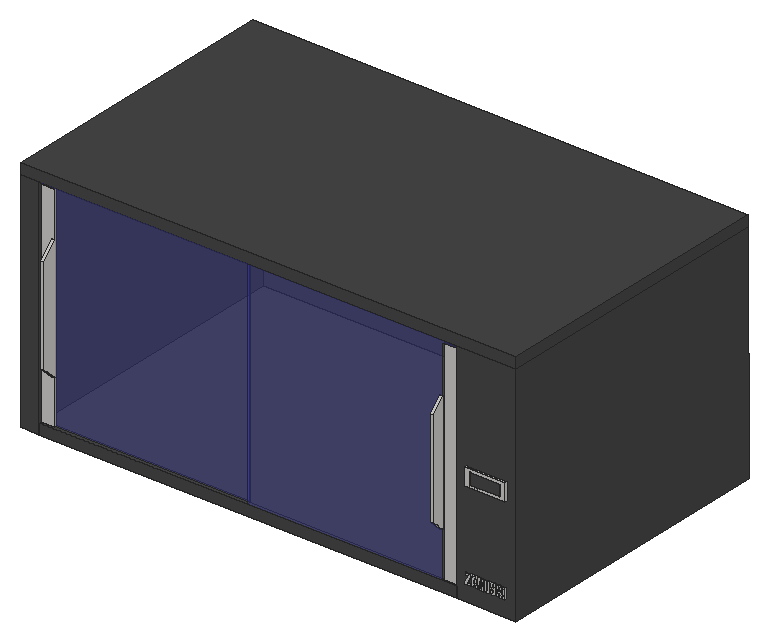
Revit family "QF_ZANUSSI_240040_ZSAFEBX", category Attrezzature speciali, Revit 2020
Family settings
  Quota connettore circolare = Usa diametro
  Tipo di parte = Normale
  Basato su piano di lavoro = No
  Sempre verticale = Sì
  Taglio con vuoti quando caricato = No
  Condiviso = No
  Punto di calcolo locali = No
Parameters (values of type "Standard")
  Weight = 36.00 kg
  Watts = 590 W
  Volts = 220 V
  URL Manufacturer = "http://www.zanussiprofessional.com"
  URL = "http://www.zanussiprofessional.com"
  Steam Supply Size = 0 mm
  Steam Supply Minimum Pressure = 0.0 Pa
  Steam Supply Maximum Pressure = 0.0 Pa
  Steam Consumption per Hour = 0
  Show Logo [instance] = yes
  Show Clearance [instance] = yes
  Refrigeration Suction Line Size = 0.0 mm
  Refrigeration Liquid Line Size = 0.0 mm
  Refrigerant Compressor Remote = yes
  Prospetto di default = 0.0 mm
  Produttore = "Zanussi"
  Phase = 1
  Modello = "ZSAFEBX"
  Length Actual = 920.0 mm  # constant formula
  Item Number = "240040"
  Hot Water Size = 0 mm
  Height Actual = 450.0 mm  # constant formula
  HP = "0.8 HP"
  Gas Size = 0 mm
  Gas KW = 0
  Gas Input Pressure = 0 W
  Direct Waste Size = 0 mm
  Descrizione = "SAFE FOOD HOLDING DISPLAY FOR FOOD PICK UP, TAKE AWAY AND DELIVERY"
  Depth Actual = 590.0 mm  # constant formula
  Cycle = 50 Hz
  Condensate Return Size = 0 mm
  Compressed Air Volume = 0.0 L/s
  Compressed Air Size = 0 mm
  Compressed Air Pressure = 0.0 Pa
  Cold Water Size = 0 mm
  Accessory = yes
Reference planes
  plane 1 "Center (Front/Back)": y = 0
  plane 2: z = 0
  plane 3 "Center (Left/Right)": x = 0
  plane 4 "LEFT": x = -460
  plane 5 "RIGHT": x = 460
  plane 6 "BACK": y = 270
  plane 7 "FRONT": y = -270
  plane 8 "Base": z = 11
  plane 9 "TOP": z = 451
  plane 10: x = -430
  plane 11: y = 250
  plane 12: y = -220
  plane 13: x = 360
Forms (mm)
  Extrusion 1, solid, material "QF_Finishes_Black"
    sketch origin (0, 0, 11) x (0, 1, 0) y (-1, 0, 0)
      loop
        line (270, 460) -> (-270, 460) -> (-270, 425) -> (250, 425) -> (250, -350) -> (-270, -350) -> (-270, -460) -> (270, -460) -> (270, 460)
    from 0 to 420
  Extrusion 2, solid, material "QF_Finishes_Black"
    sketch origin (0, 0, 451) x (0, 1, 0) y (-1, 0, 0)
      loop
        line (270, 460) -> (-270, 460) -> (-270, -460) -> (270, -460) -> (270, 460)
    from 0 to -20
  Extrusion 3, void
    sketch origin (0, -270, 0) x (-1, 0, 0) y (0, 0, 1)
      loop
        line (140.985, 386.837) -> (-115, 386.837) -> (-115, 166) -> (140.985, 166) -> (140.985, 386.837)
    from 520 to 540
  Extrusion 4, solid, material "QF_Finishes_Stainless Steel"
    sketch origin (460, 0, 0) x (0, 1, 0) y (0, 0, 1)
      loop
        line (250, 386.837) -> (250, 166) -> (320, 166) -> (320, 386.837) -> (250, 386.837)
    from -600.985 to -345
  Extrusion 5, solid, material "Glass"
    sketch origin (0, -270, 0) x (-1, 0, 0) y (0, 0, 1)
      loop
        line (425, 431) -> (37.5, 431) -> (37.5, 31) -> (400, 31) -> (400, 426) -> (425, 426) -> (425, 431)
    from 4 to 8
  Extrusion 6, solid, material "Glass"
    sketch origin (385, -270, 0) x (-1, 0, 0) y (0, 0, 1)
      loop
        line (422.5, 431) -> (35, 431) -> (35, 426) -> (60, 426) -> (60, 31) -> (422.5, 31) -> (422.5, 431)
    from 0 to 4
  Extrusion 7, solid, material "QF_Finishes_Stainless Steel"
    sketch origin (0, 0, 0) x (0, 1, 0) y (0, 0, 1)
      loop
        line (-266, 112) -> (-266, 342.426) -> (-291.213, 317.213) -> (-291.213, 137.213) -> (-266, 112)
    from -400 to -405
  Extrusion 8, solid, material "QF_Finishes_Stainless Steel"
    sketch origin (0, -270, 0) x (-1, 0, 0) y (0, 0, 1)
      loop
        line (-350, 426) -> (-350, 31) -> (-325, 31) -> (-325, 426) -> (-350, 426)
      loop
        line (400, 426) -> (400, 31) -> (425, 31) -> (425, 426) -> (400, 426)
    from 4 to 8
  Extrusion 9, solid, material "QF_Finishes_Black"
    sketch origin (0, 0, 451) x (0, 1, 0) y (-1, 0, 0)
      loop
        line (270, 425) -> (-270, 425) -> (-270, -350) -> (270, -350) -> (270, 425)
    from -420 to -440
  Extrusion 10, solid, material "QF_Finishes_Stainless Steel"
    sketch origin (0, 0, 0) x (0, 1, 0) y (0, 0, 1)
      loop
        line (-270, 116) -> (-270, 338.426) -> (-291.213, 317.213) -> (-291.213, 137.213) -> (-270, 116)
    from 325 to 320
  Extrusion 11, solid, material "QF_Finishes_Stainless Steel"
    sketch origin (2.404, 270, -133.023) x (1, 0, 0) y (0, 0, -1)
      loop
        line (407.596, -163.023) -> (407.596, -183.023) -> (427.596, -183.023) -> (427.596, -163.023) -> (407.596, -163.023)
    from 0 to 2
  Extrusion 12, solid, material "QF_Finishes_Stainless Steel"
    sketch origin (-85.721, 270, -84.273) x (1, 0, 0) y (0, 0, -1)
      loop
        line (407.596, -163.023) -> (407.596, -183.023) -> (427.596, -183.023) -> (427.596, -163.023) -> (407.596, -163.023)
    from 0 to 2
Cuts and joins
  Extrusion 3 cuts Extrusion 1
  joined: Extrusion 7, Extrusion 8, Extrusion 10
Dimensions and locks
  plane 4 "LEFT" to plane 5 "RIGHT" = 920.0 mm
  equal spacing: plane 4 "LEFT", plane 3 "Center (Left/Right)", plane 5 "RIGHT"
  equal spacing: plane 6 "BACK", plane 1 "Center (Front/Back)", plane 7 "FRONT"
  plane 6 "BACK" to plane 7 "FRONT" = 540.0 mm  (x2)
  plane 8 "Base" to level = 11.0 mm
  plane 9 "TOP" to level = 451.0 mm
  plane 9 "TOP" to cut or joined group of Extrusion 1, Extrusion 3 = 64.163 mm
  level to cut or joined group of Extrusion 1, Extrusion 3 = 166.0 mm
  plane 4 "LEFT" to plane 10 = 30.0 mm
  plane 13 to plane 5 "RIGHT" = 100.0 mm
  Extrusion 4 to Extrusion 2 = 590.0 mm
  aligned and locked: level to plane 2
Automatic sketch dimensions
  Extrusion 1 sketch curve to plane 4 "LEFT" = 0.0 mm
  Extrusion 1 sketch curve to plane 7 "FRONT" = 0.0 mm  (x2)
  Extrusion 1 sketch curve to plane 5 "RIGHT" = 0.0 mm
  Extrusion 1 sketch curve to plane 11 = 0.0 mm
  Extrusion 1 sketch curve to plane 6 "BACK" = 0.0 mm
  Extrusion 1 sketch curve to plane 13 = 10.0 mm
  plane 10 to Extrusion 1 sketch curve = 5.0 mm
  Extrusion 2 sketch curve to plane 4 "LEFT" = 0.0 mm
  Extrusion 2 sketch curve to plane 7 "FRONT" = 0.0 mm
  Extrusion 2 sketch curve to plane 6 "BACK" = 0.0 mm
  Extrusion 2 sketch curve to plane 5 "RIGHT" = 0.0 mm
  plane 3 "Center (Left/Right)" to Extrusion 3 sketch curve = 115.0 mm
  Extrusion 3 sketch curve to plane 3 "Center (Left/Right)" = 140.985 mm
  plane 8 "Base" to Extrusion 3 sketch curve = 155.0 mm
  Extrusion 3 sketch curve to plane 9 "TOP" = 64.163 mm
  Extrusion 4 sketch curve to plane 11 = 0.0 mm
  plane 6 "BACK" to Extrusion 4 sketch curve = 50.0 mm
  plane 8 "Base" to Extrusion 4 sketch curve = 155.0 mm
  Extrusion 4 sketch curve to plane 9 "TOP" = 64.163 mm
  Extrusion 5 sketch curve to plane 3 "Center (Left/Right)" = 37.5 mm
  plane 10 to Extrusion 5 sketch curve = 30.0 mm
  plane 10 to Extrusion 5 sketch curve = 5.0 mm
  plane 8 "Base" to Extrusion 5 sketch curve = 20.0 mm
  Extrusion 5 sketch curve to plane 9 "TOP" = 25.0 mm
  Extrusion 5 sketch curve to plane 9 "TOP" = 20.0 mm
  Extrusion 6 sketch curve to plane 13 = 10.0 mm
  Extrusion 6 sketch curve to plane 13 = 35.0 mm
  Extrusion 6 sketch curve to plane 3 "Center (Left/Right)" = 37.5 mm
  plane 8 "Base" to Extrusion 6 sketch curve = 20.0 mm
  Extrusion 6 sketch curve to plane 9 "TOP" = 25.0 mm
  Extrusion 6 sketch curve to Extrusion 6 sketch curve = 5.0 mm
  Extrusion 7 sketch curve to plane 7 "FRONT" = 21.213 mm
  plane 7 "FRONT" to Extrusion 7 sketch curve = 4.0 mm
  plane 8 "Base" to Extrusion 7 sketch curve = 101.0 mm
  Extrusion 7 sketch curve to Extrusion 7 sketch curve = 25.213 mm  (x2)
  Extrusion 7 sketch curve to plane 9 "TOP" = 133.787 mm
  Extrusion 8 sketch curve to plane 13 = 10.0 mm
  Extrusion 8 sketch curve to Extrusion 8 sketch curve = 25.0 mm
  plane 10 to Extrusion 8 sketch curve = 30.0 mm
  plane 10 to Extrusion 8 sketch curve = 5.0 mm
  plane 8 "Base" to Extrusion 8 sketch curve = 20.0 mm  (x2)
  Extrusion 8 sketch curve to plane 9 "TOP" = 25.0 mm  (x2)
  Extrusion 9 sketch curve to plane 7 "FRONT" = 0.0 mm
  Extrusion 9 sketch curve to plane 6 "BACK" = 0.0 mm
  Extrusion 9 sketch curve to plane 13 = 10.0 mm
  plane 10 to Extrusion 9 sketch curve = 5.0 mm
  Extrusion 10 sketch curve to plane 7 "FRONT" = 0.0 mm
  Extrusion 10 sketch curve to plane 7 "FRONT" = 21.213 mm
  plane 8 "Base" to Extrusion 10 sketch curve = 105.0 mm
  Extrusion 10 sketch curve to Extrusion 10 sketch curve = 21.213 mm  (x2)
  Extrusion 10 sketch curve to plane 9 "TOP" = 133.787 mm
  Extrusion 11 sketch curve to plane 5 "RIGHT" = 50.0 mm
  Extrusion 11 sketch curve to Extrusion 11 sketch curve = 20.0 mm
  plane 8 "Base" to Extrusion 11 sketch curve = 39.0 mm
  plane 8 "Base" to Extrusion 11 sketch curve = 19.0 mm
  Extrusion 12 sketch curve to plane 13 = 38.125 mm
  Extrusion 12 sketch curve to plane 13 = 18.125 mm
  plane 8 "Base" to Extrusion 12 sketch curve = 87.75 mm
  plane 8 "Base" to Extrusion 12 sketch curve = 67.75 mm
Nested families
  nested 1: "Piedino DISTRIBUTION" at (360, -220, 0), type "Piedino DISTRIBUTION"
    with Show Logo yes, H 11.0 mm
  nested 2: "Piedino DISTRIBUTION" at (360, 250, 0), type "Piedino DISTRIBUTION"
    with Show Logo yes, H 11.0 mm
  nested 3: "Piedino DISTRIBUTION" at (-430, -220, 0), type "Piedino DISTRIBUTION"
    with Show Logo yes, H 11.0 mm
  nested 4: "Piedino DISTRIBUTION" at (-430, 250, 0), type "Piedino DISTRIBUTION"
    with Show Logo yes, H 11.0 mm
  nested 5: "Schermo_Distribution" at (406.364, -270, 222.016) x (-1, 0, 0) z (0, -1, 0), type "Schermo_Distribution"
  nested 6: "ZANUSSI_Logo - METALLO" at (409.053, -270, 100.19) x (1, 0, 0) z (0, -1, 0), Show Logo <- "Show Logo", visible <- "Show Logo", type "ZANUSSI_Logo - METALLO"
    with Show Logo yes
Connectors
  electrical at (420, 270, 40)
    settings: on Extrusion 11, index 72, voltage 0 V, apparent load 0 VA, apparent load phase1 0 VA, apparent load phase2 0 VA, apparent load phase3 0 VA, power factor 1, load classification "Altro", number of poles 1, system type 30, power factor state 1, is connector primary yes, connector utility no, sub classification motor no, connector description "EI"
  electrical at (331.875, 270, 88.75)
    settings: on Extrusion 12, index 73, voltage 0 V, apparent load 0 VA, apparent load phase1 0 VA, apparent load phase2 0 VA, apparent load phase3 0 VA, power factor 1, load classification "Altro", number of poles 1, system type 30, power factor state 1, is connector primary no, connector utility no, sub classification motor no, connector description "EQ"
Definition of nested family "Piedino DISTRIBUTION"
  Parameters (values of type "Piedino DISTRIBUTION")
    Show Logo [instance] = yes
    Default Elevation = 0.0 mm
    H [instance] = 11.0 mm
  Reference planes
    plane 1 "Centro (Fronte/Retro)": y = 0
    plane 2: z = 0
    plane 3 "Centro (Sinistra/Destra)": x = 0
  Forms (mm)
    Revolve 1, solid
      sketch origin (55, 0, 0) x (-1, 0, 0) y (0, 0, -1)
        loop
          line (55, 0) -> (40, 0) -> (40, -11) -> (55, -11) -> (55, 0)
        axis (55, 0) -> (55, -11)
      angle from 0 to 360
  Dimensions and locks
    "H": Revolve 1 to plane 2
    aligned and locked: level to plane 2
  Automatic sketch dimensions
    Revolve 1 sketch curve to level = 0.0 mm
    Revolve 1 sketch curve to plane 3 "Centro (Sinistra/Destra)" = 0.0 mm  (x2)
    level to Revolve 1 sketch curve = 11.0 mm
    Revolve 1 sketch curve to Revolve 1 sketch curve = 139.0 mm
    Revolve 1 sketch curve to Revolve 1 sketch curve = 20.0 mm
    plane 3 "Centro (Sinistra/Destra)" to Revolve 1 sketch curve = 15.0 mm
Definition of nested family "Schermo_Distribution"
  Parameters (values of type "Schermo_Distribution")
    Default Elevation = 1219.2 mm
  Reference planes
    plane 1 "Centro (Fronte/Retro)": y = 0
    plane 2: z = 0
    plane 3 "Centro (Sinistra/Destra)": x = 0
  Forms (mm)
    Extrusion 1, solid
      sketch origin (0, 0, 0) x (1, 0, 0) y (0, 1, 0)
        loop
          line (-1219.2, 1219.2) -> (-1219.2, -1219.2) -> (1219.2, -1219.2) -> (1219.2, 1219.2) -> (-1219.2, 1219.2)
      from 0 to -304.8
    Extrusion 2, solid
      sketch origin (-406.364, -222.016, 5) x (0, 1, 0) y (-1, 0, 0)
        loop
          line (238.032, -368.864) -> (206, -368.864) -> (206, -443.864) -> (238.032, -443.864) -> (238.032, -368.864)
        loop
          line (233.032, -378.864) -> (211, -378.864) -> (211, -433.864) -> (233.032, -433.864) -> (233.032, -378.864)
      from 0 to -5
    Extrusion 3, solid
      sketch origin (-406.364, -222.016, 5) x (0, 1, 0) y (-1, 0, 0)
        loop
          line (233.032, -378.864) -> (211, -378.864) -> (211, -433.864) -> (233.032, -433.864) -> (233.032, -378.864)
      from 0 to -5
  Dimensions and locks
    aligned and locked: plane 2 to Extrusion 1
    aligned and locked: level to Extrusion 1
Definition of nested family "ZANUSSI_Logo - METALLO"
  Parameters (values of type "ZANUSSI_Logo - METALLO")
    Show Logo [instance] = yes
    Default Elevation = 1219.2 mm
  Reference planes
    plane 1 "Center (Front/Back)": y = -49
    plane 2: z = 0
    plane 3 "Center (Left/Right)": x = -9.92
  Forms (mm)
    Extrusion 1, solid
      sketch origin (0, 0, 0) x (1, 0, 0) y (0, 1, 0)
        loop
          line (-1219.2, 1219.2) -> (-1219.2, -1219.2) -> (1219.2, -1219.2) -> (1219.2, 1219.2) -> (-1219.2, 1219.2)
      from 0 to -304.8
    Extrusion 2, solid, visible <- "Show Logo"
      sketch origin (106.353, -215.165, -50) x (1, 0, 0) y (0, 1, 0)
        loop
          line (-137.419, 156.48) -> (-137.419, 160.444) -> (-143.365, 160.444) -> (-137.419, 172.566) -> (-137.419, 175.851) -> (-147.274, 175.851) -> (-147.274, 172.226) -> (-142.063, 172.339) -> (-147.728, 160.444) -> (-147.728, 156.48) -> (-137.419, 156.48)
        loop
          line (-131.729, 163.73) -> (-129.463, 163.73) -> (-130.596, 172.54) -> (-131.729, 163.73)
        loop
          line (-132.748, 156.48) -> (-132.182, 160.218) -> (-128.897, 160.218) -> (-128.33, 156.48) -> (-124.252, 156.48) -> (-127.877, 175.851) -> (-133.315, 175.851) -> (-136.826, 156.48) -> (-132.748, 156.48)
        loop
          line (-123.75, 175.851) -> (-123.75, 156.48) -> (-120.238, 156.48) -> (-120.238, 169.281) -> (-116.953, 156.48) -> (-112.648, 156.48) -> (-112.648, 175.851) -> (-116.273, 175.851) -> (-116.273, 163.503) -> (-119.558, 175.851) -> (-123.75, 175.851)
        loop
          arc (-111.742, 161.27) -> (-106.896, 156.448) -> (-101.433, 160.558) r 5.22
          line (-101.433, 160.558) -> (-101.433, 175.851) -> (-105.398, 175.851) -> (-105.398, 161.464)
          arc (-105.398, 161.464) -> (-106.44, 160.263) -> (-107.777, 161.124) r 1.214
          line (-107.777, 161.124) -> (-107.777, 175.851) -> (-111.742, 175.851) -> (-111.742, 161.27)
        loop
          line (-94.069, 169.734) -> (-90.331, 169.734) -> (-90.269, 171.495)
          arc (-90.269, 171.495) -> (-90.53, 173.458) -> (-91.761, 175.009) r 3.719
          arc (-91.761, 175.009) -> (-95.38, 176.189) -> (-98.998, 175.009) r 6.139
          arc (-98.998, 175.009) -> (-100.474, 172.145) -> (-100.291, 168.927) r 6.125
          arc (-100.291, 168.927) -> (-99.079, 167.149) -> (-97.591, 165.594) r 13.068
          line (-97.591, 165.594) -> (-95.921, 164.113)
          arc (-95.921, 164.113) -> (-94.934, 163.275) -> (-94.167, 162.233) r 5.571
          arc (-94.167, 162.233) -> (-94.357, 160.41) -> (-96.143, 160.003) r 1.573
          arc (-96.143, 160.003) -> (-96.681, 160.547) -> (-96.911, 161.277) r 1.631
          arc (-96.911, 161.277) -> (-96.929, 161.791) -> (-96.911, 162.305) r 7.441
          arc (-96.911, 162.305) -> (-96.895, 162.791) -> (-96.911, 163.277) r 7.03
          line (-96.911, 163.277) -> (-100.866, 163.277)
          arc (-100.866, 163.277) -> (-100.828, 160.504) -> (-99.735, 157.955) r 7.131
          arc (-99.735, 157.955) -> (-94.571, 156.484) -> (-90.221, 159.633) r 6.148
          arc (-90.221, 159.633) -> (-90.141, 162.884) -> (-91.536, 165.823) r 7.021
          line (-91.536, 165.823) -> (-95.882, 169.734)
          arc (-95.882, 169.734) -> (-96.47, 170.472) -> (-96.785, 171.362) r 2.858
          arc (-96.785, 171.362) -> (-95.666, 172.959) -> (-94.069, 171.84) r 1.379
          line (-94.069, 171.84) -> (-94.069, 169.734)
        loop
          line (-82.771, 169.734) -> (-79.033, 169.734) -> (-78.971, 171.495)
          arc (-78.971, 171.495) -> (-79.232, 173.458) -> (-80.463, 175.009) r 3.719
          arc (-80.463, 175.009) -> (-84.081, 176.189) -> (-87.7, 175.009) r 6.139
          arc (-87.7, 175.009) -> (-89.175, 172.145) -> (-88.993, 168.927) r 6.125
          arc (-88.993, 168.927) -> (-87.781, 167.149) -> (-86.293, 165.594) r 13.068
          line (-86.293, 165.594) -> (-84.623, 164.113)
          arc (-84.623, 164.113) -> (-83.636, 163.275) -> (-82.869, 162.233) r 5.571
          arc (-82.869, 162.233) -> (-83.059, 160.41) -> (-84.845, 160.003) r 1.573
          arc (-84.845, 160.003) -> (-85.383, 160.547) -> (-85.613, 161.277) r 1.631
          arc (-85.613, 161.277) -> (-85.631, 161.791) -> (-85.613, 162.305) r 7.441
          arc (-85.613, 162.305) -> (-85.596, 162.791) -> (-85.613, 163.277) r 7.03
          line (-85.613, 163.277) -> (-89.568, 163.277)
          arc (-89.568, 163.277) -> (-89.53, 160.504) -> (-88.437, 157.955) r 7.131
          arc (-88.437, 157.955) -> (-83.272, 156.484) -> (-78.922, 159.633) r 6.148
          arc (-78.922, 159.633) -> (-78.843, 162.884) -> (-80.238, 165.823) r 7.021
          line (-80.238, 165.823) -> (-84.584, 169.734)
          arc (-84.584, 169.734) -> (-85.171, 170.472) -> (-85.486, 171.362) r 2.858
          arc (-85.486, 171.362) -> (-84.368, 172.959) -> (-82.771, 171.84) r 1.379
          line (-82.771, 171.84) -> (-82.771, 169.734)
        loop
          line (-78.21, 175.851) -> (-78.21, 156.48) -> (-74.245, 156.48) -> (-74.245, 175.851) -> (-78.21, 175.851)
      from 50 to 51.6
  Dimensions and locks
    aligned and locked: plane 2 to Extrusion 1
    aligned and locked: level to Extrusion 1
